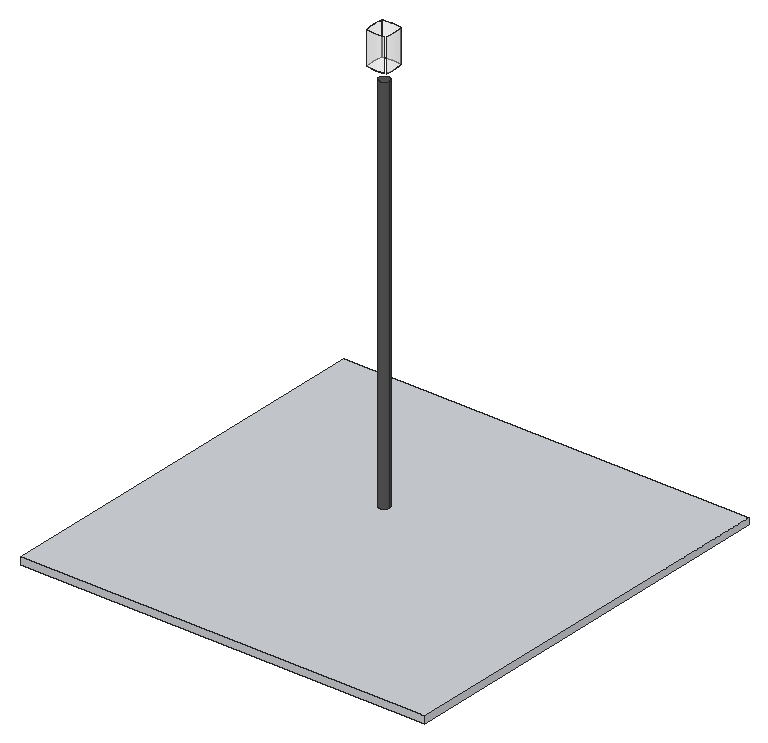
Revit family "SH-1720", category Lighting Fixtures, host Face, Revit 2017
Family settings
  Host = Face
  Round Connector Dimension = Use Diameter
  Part Type = Normal
  Cut with Voids When Loaded = No
  Light Source = Yes
  Shared = No
  Room Calculation Point = No
Parameters (values of type "SH-1720(Black color-3000K-E27)")
  website = "www.shoaco.com"
  instalation = "Surface mounted"
  consumption current = 0.06 A
  color temperature = "3000K"
  color rendering index(CRI) = ""
  height = 255.0159 cm
  Width = 18.45 cm
  Wattage. = 9 W
  Wattage Comments = ""
  Wattage = 9 W
  Voltage/Frequency = "230v/50hz"
  built-in parameter 1150110 = 1 (stored number, unit not read)
  URL = "https://www.shoaco.com/fa/product/%DA%86%D8%B1%D8%A7%D8%BA-%D9%87%D8%A7%DB%8C-%D8%AD%DB%8C%D8%A7%D8%B7%DB%8C/1122-%DA%86%D8%B1%D8%A7%D8%BA-%D8%AD%DB%8C%D8%A7%D8%B7%DB%8C--%D9%85%D8%AF%D9%84-SH-1720.html"
  Type medule = ""
  built-in parameter 1114217 = 1 (stored number, unit not read)
  Tilt Angle = 90.00°
  built-in parameter 1150109 = 1 (stored number, unit not read)
  built-in parameter 1150134 = 3
  built-in parameter 1150113 = 1 (stored number, unit not read)
  Protection Class = "Class I"
  Photometric Web File = "4376_V-TAC7WLEDBulbE27A60Thermoplastic3000K_1-5117.ies"
  Number of lamps = "1"
  Model = "SH-1720"
  Manufacturer = "SHOA"
  built-in parameter 1150105 = 71.62 (stored number, unit not read)
  Lumens = 900 lm
  built-in parameter 1150115 = 1 (stored number, unit not read)
  built-in parameter 1150137 = (empty or 0)
  built-in parameter 1150139 = (empty or 0)
  built-in parameter 1150112 = 1 (stored number, unit not read)
  built-in parameter 1150114 = 1 (stored number, unit not read)
  Lamp = "E27"
  built-in parameter 1150132 = (empty or 0)
  built-in parameter 1150102 = (empty or 0)
  built-in parameter 1150107 = 3200 (stored number, unit not read)
  built-in parameter 1150138 = (empty or 0)
  built-in parameter 1150106 = 0.7162 (stored number, unit not read)
  IP = "IP44"
  Height offset [instance] = 230 cm
  Flicker = ""
  Emit from Circle Diameter = 60.96 cm
  Emit Shape Visible in Rendering = no
  built-in parameter 1150104 = 9.2903 (stored number, unit not read)
  Dimming Lamp Color Temperature Shift = <None>
  Diffuser Material = "Acrylic"
  Diffuser [instance] = Diffuser
  Default Elevation = 121.92 cm
  Color Filter = 16777215
  Body color = Black Body
  Body Material = "Aluminum"
  built-in parameter 1114218 = 1 (stored number, unit not read)
  built-in parameter 1150133 = 10 (stored number, unit not read)
Reference planes (cm)
  plane 1 "Center (Front/Back)": y = 0
  plane 2: z = 0.918
  plane 3 "Center (Left/Right)": x = 0
  plane 4: z = 18.0808
  plane 5: z = 248.0808
  plane 6: z = 279.0968
  plane 7: z = 272.6708
Forms (cm)
  Extrusion 1, solid
    sketch origin (0, 0, 0.918) x (1, 0, 0) y (0, 1, 0)
      loop
        line (-121.92, 121.92) -> (-121.92, -121.92) -> (121.92, -121.92) -> (121.92, 121.92) -> (-121.92, 121.92)
    from 0 to -4.1998
  Extrusion 2, solid, material "Black Body" <- "Body color"
    sketch origin (0, 0, 0.918) x (1, 0, 0) y (0, 1, 0)
      loop
        circle (0, 0) r 3.1806
    from 17.1628 to 247.1628
  Extrusion 3, solid, material "Diffuser" <- "Diffuser"
    sketch origin (0, 0, 255.4508) x (1, 0, 0) y (0, 1, 0)
      loop
        line (-5.6606, 6.0308) -> (-5.6453, 5.932)
        spline (-5.6453, 5.932) -> (-3.931, 6.1719) -> (-2.7457, 6.2926) -> (-1.8654, 6.3474) -> (-1.0895, 6.383) -> (-0.3579, 6.4083) -> (0.3416, 6.4186) -> (1.027, 6.4087) -> (1.7525, 6.3722) -> (2.588, 6.3015) -> (3.5906, 6.1904) -> (4.6457, 6.0531) -> (5.4298, 5.9291)
        line (5.4298, 5.9291) -> (5.4487, 6.0273)
        spline (5.4487, 6.0273) -> (4.6594, 6.1522) -> (3.6035, 6.2895) -> (2.5969, 6.4011) -> (1.7595, 6.472) -> (1.0302, 6.5087) -> (0.3414, 6.5186) -> (-0.3606, 6.5083) -> (-1.0936, 6.4829) -> (-1.8703, 6.4473) -> (-2.7537, 6.3923) -> (-3.9431, 6.2711) -> (-5.6606, 6.0308)
      loop
        line (5.8688, 5.555) -> (5.7699, 5.5402)
        spline (5.7699, 5.5402) -> (5.9865, 3.9747) -> (6.1162, 2.8019) -> (6.184, 1.908) -> (6.2151, 1.1773) -> (6.2305, 0.5082) -> (6.2344, -0.1475) -> (6.2241, -0.8189) -> (6.1985, -1.536) -> (6.1525, -2.3307) -> (6.0757, -3.2374) -> (5.9532, -4.2941) -> (5.7701, -5.5391)
        line (5.7701, -5.5391) -> (5.8688, -5.555)
        spline (5.8688, -5.555) -> (6.0524, -4.3071) -> (6.1753, -3.2472) -> (6.2523, -2.3377) -> (6.298, -1.541) -> (6.3243, -0.8214) -> (6.3344, -0.1479) -> (6.3306, 0.5094) -> (6.3149, 1.1807) -> (6.2838, 1.9137) -> (6.2157, 2.8112) -> (6.0857, 3.9871) -> (5.8688, 5.555)
      loop
        line (4.9901, -6.1155) -> (4.9745, -6.0167)
        spline (4.9745, -6.0167) -> (3.9504, -6.1684) -> (3.1307, -6.268) -> (2.4556, -6.3272) -> (1.8646, -6.3572) -> (1.2968, -6.3699) -> (0.6936, -6.3756) -> (0.0144, -6.3732) -> (-0.7733, -6.3541) -> (-1.7013, -6.3085) -> (-2.8015, -6.2271) -> (-4.1058, -6.1007) -> (-5.6458, -5.9199)
        line (-5.6458, -5.9199) -> (-5.6583, -6.0191)
        spline (-5.6583, -6.0191) -> (-4.1164, -6.2001) -> (-2.81, -6.3267) -> (-1.7074, -6.4082) -> (-0.7769, -6.454) -> (0.013, -6.4733) -> (0.6941, -6.4756) -> (1.2981, -6.4699) -> (1.868, -6.4572) -> (2.4625, -6.4269) -> (3.1411, -6.3675) -> (3.9638, -6.2675) -> (4.9901, -6.1155)
      loop
        spline (-6.08, 5.555) -> (-6.2602, 4.1827) -> (-6.3911, 3.0498) -> (-6.4799, 2.1055) -> (-6.5338, 1.2993) -> (-6.5599, 0.5802) -> (-6.5653, -0.1023) -> (-6.5561, -0.7974) -> (-6.5289, -1.54) -> (-6.4761, -2.3587) -> (-6.3902, -3.282) -> (-6.2633, -4.3384) -> (-6.0878, -5.5565)
        line (-6.0878, -5.5565) -> (-5.989, -5.5412)
        spline (-5.989, -5.5412) -> (-6.1641, -4.3253) -> (-6.2907, -3.2714) -> (-6.3764, -2.3508) -> (-6.429, -1.535) -> (-6.4564, -0.7952) -> (-6.4653, -0.102) -> (-6.4597, 0.5783) -> (-6.434, 1.2941) -> (-6.3803, 2.0975) -> (-6.2917, 3.0393) -> (-6.1609, 4.1704) -> (-5.9809, 5.5414)
        line (-5.9809, 5.5414) -> (-6.08, 5.555)
    from 0 to 20.1
  Extrusion 4, solid, material "Diffuser" <- "Diffuser", not visible
    sketch origin (0, 0, 325.4508) x (1, 0, 0) y (0, 1, 0)
      loop
        line (-5.6606, 6.0308) -> (-5.6453, 5.932)
        spline (-5.6453, 5.932) -> (-3.931, 6.1719) -> (-2.7457, 6.2926) -> (-1.8654, 6.3474) -> (-1.0895, 6.383) -> (-0.3579, 6.4083) -> (0.3416, 6.4186) -> (1.027, 6.4087) -> (1.7525, 6.3722) -> (2.588, 6.3015) -> (3.5906, 6.1904) -> (4.6457, 6.0531) -> (5.4298, 5.9291)
        line (5.4298, 5.9291) -> (5.4487, 6.0273)
        spline (5.4487, 6.0273) -> (4.6594, 6.1522) -> (3.6035, 6.2895) -> (2.5969, 6.4011) -> (1.7595, 6.472) -> (1.0302, 6.5087) -> (0.3414, 6.5186) -> (-0.3606, 6.5083) -> (-1.0936, 6.4829) -> (-1.8703, 6.4473) -> (-2.7537, 6.3923) -> (-3.9431, 6.2711) -> (-5.6606, 6.0308)
      loop
        line (5.8688, 5.555) -> (5.7699, 5.5402)
        spline (5.7699, 5.5402) -> (5.9865, 3.9747) -> (6.1162, 2.8019) -> (6.184, 1.908) -> (6.2151, 1.1773) -> (6.2305, 0.5082) -> (6.2344, -0.1475) -> (6.2241, -0.8189) -> (6.1985, -1.536) -> (6.1525, -2.3307) -> (6.0757, -3.2374) -> (5.9532, -4.2941) -> (5.7701, -5.5391)
        line (5.7701, -5.5391) -> (5.8688, -5.555)
        spline (5.8688, -5.555) -> (6.0524, -4.3071) -> (6.1753, -3.2472) -> (6.2523, -2.3377) -> (6.298, -1.541) -> (6.3243, -0.8214) -> (6.3344, -0.1479) -> (6.3306, 0.5094) -> (6.3149, 1.1807) -> (6.2838, 1.9137) -> (6.2157, 2.8112) -> (6.0857, 3.9871) -> (5.8688, 5.555)
      loop
        line (4.9901, -6.1155) -> (4.9745, -6.0167)
        spline (4.9745, -6.0167) -> (3.9504, -6.1684) -> (3.1307, -6.268) -> (2.4556, -6.3272) -> (1.8646, -6.3572) -> (1.2968, -6.3699) -> (0.6936, -6.3756) -> (0.0144, -6.3732) -> (-0.7733, -6.3541) -> (-1.7013, -6.3085) -> (-2.8015, -6.2271) -> (-4.1058, -6.1007) -> (-5.6458, -5.9199)
        line (-5.6458, -5.9199) -> (-5.6583, -6.0191)
        spline (-5.6583, -6.0191) -> (-4.1164, -6.2001) -> (-2.81, -6.3267) -> (-1.7074, -6.4082) -> (-0.7769, -6.454) -> (0.013, -6.4733) -> (0.6941, -6.4756) -> (1.2981, -6.4699) -> (1.868, -6.4572) -> (2.4625, -6.4269) -> (3.1411, -6.3675) -> (3.9638, -6.2675) -> (4.9901, -6.1155)
      loop
        spline (-6.08, 5.555) -> (-6.2602, 4.1827) -> (-6.3911, 3.0498) -> (-6.4799, 2.1055) -> (-6.5338, 1.2993) -> (-6.5599, 0.5802) -> (-6.5653, -0.1023) -> (-6.5561, -0.7974) -> (-6.5289, -1.54) -> (-6.4761, -2.3587) -> (-6.3902, -3.282) -> (-6.2633, -4.3384) -> (-6.0878, -5.5565)
        line (-6.0878, -5.5565) -> (-5.989, -5.5412)
        spline (-5.989, -5.5412) -> (-6.1641, -4.3253) -> (-6.2907, -3.2714) -> (-6.3764, -2.3508) -> (-6.429, -1.535) -> (-6.4564, -0.7952) -> (-6.4653, -0.102) -> (-6.4597, 0.5783) -> (-6.434, 1.2941) -> (-6.3803, 2.0975) -> (-6.2917, 3.0393) -> (-6.1609, 4.1704) -> (-5.9809, 5.5414)
        line (-5.9809, 5.5414) -> (-6.08, 5.555)
    from 0 to 20.1
  Extrusion 5, solid, material "Diffuser" <- "Diffuser", not visible
    sketch origin (0, 0, 265.4508) x (1, 0, 0) y (0, 1, 0)
      loop
        line (-5.6606, 6.0308) -> (-5.6453, 5.932)
        spline (-5.6453, 5.932) -> (-3.931, 6.1719) -> (-2.7457, 6.2926) -> (-1.8654, 6.3474) -> (-1.0895, 6.383) -> (-0.3579, 6.4083) -> (0.3416, 6.4186) -> (1.027, 6.4087) -> (1.7525, 6.3722) -> (2.588, 6.3015) -> (3.5906, 6.1904) -> (4.6457, 6.0531) -> (5.4298, 5.9291)
        line (5.4298, 5.9291) -> (5.4487, 6.0273)
        spline (5.4487, 6.0273) -> (4.6594, 6.1522) -> (3.6035, 6.2895) -> (2.5969, 6.4011) -> (1.7595, 6.472) -> (1.0302, 6.5087) -> (0.3414, 6.5186) -> (-0.3606, 6.5083) -> (-1.0936, 6.4829) -> (-1.8703, 6.4473) -> (-2.7537, 6.3923) -> (-3.9431, 6.2711) -> (-5.6606, 6.0308)
      loop
        line (5.8688, 5.555) -> (5.7699, 5.5402)
        spline (5.7699, 5.5402) -> (5.9865, 3.9747) -> (6.1162, 2.8019) -> (6.184, 1.908) -> (6.2151, 1.1773) -> (6.2305, 0.5082) -> (6.2344, -0.1475) -> (6.2241, -0.8189) -> (6.1985, -1.536) -> (6.1525, -2.3307) -> (6.0757, -3.2374) -> (5.9532, -4.2941) -> (5.7701, -5.5391)
        line (5.7701, -5.5391) -> (5.8688, -5.555)
        spline (5.8688, -5.555) -> (6.0524, -4.3071) -> (6.1753, -3.2472) -> (6.2523, -2.3377) -> (6.298, -1.541) -> (6.3243, -0.8214) -> (6.3344, -0.1479) -> (6.3306, 0.5094) -> (6.3149, 1.1807) -> (6.2838, 1.9137) -> (6.2157, 2.8112) -> (6.0857, 3.9871) -> (5.8688, 5.555)
      loop
        line (4.9901, -6.1155) -> (4.9745, -6.0167)
        spline (4.9745, -6.0167) -> (3.9504, -6.1684) -> (3.1307, -6.268) -> (2.4556, -6.3272) -> (1.8646, -6.3572) -> (1.2968, -6.3699) -> (0.6936, -6.3756) -> (0.0144, -6.3732) -> (-0.7733, -6.3541) -> (-1.7013, -6.3085) -> (-2.8015, -6.2271) -> (-4.1058, -6.1007) -> (-5.6458, -5.9199)
        line (-5.6458, -5.9199) -> (-5.6583, -6.0191)
        spline (-5.6583, -6.0191) -> (-4.1164, -6.2001) -> (-2.81, -6.3267) -> (-1.7074, -6.4082) -> (-0.7769, -6.454) -> (0.013, -6.4733) -> (0.6941, -6.4756) -> (1.2981, -6.4699) -> (1.868, -6.4572) -> (2.4625, -6.4269) -> (3.1411, -6.3675) -> (3.9638, -6.2675) -> (4.9901, -6.1155)
      loop
        spline (-6.08, 5.555) -> (-6.2602, 4.1827) -> (-6.3911, 3.0498) -> (-6.4799, 2.1055) -> (-6.5338, 1.2993) -> (-6.5599, 0.5802) -> (-6.5653, -0.1023) -> (-6.5561, -0.7974) -> (-6.5289, -1.54) -> (-6.4761, -2.3587) -> (-6.3902, -3.282) -> (-6.2633, -4.3384) -> (-6.0878, -5.5565)
        line (-6.0878, -5.5565) -> (-5.989, -5.5412)
        spline (-5.989, -5.5412) -> (-6.1641, -4.3253) -> (-6.2907, -3.2714) -> (-6.3764, -2.3508) -> (-6.429, -1.535) -> (-6.4564, -0.7952) -> (-6.4653, -0.102) -> (-6.4597, 0.5783) -> (-6.434, 1.2941) -> (-6.3803, 2.0975) -> (-6.2917, 3.0393) -> (-6.1609, 4.1704) -> (-5.9809, 5.5414)
        line (-5.9809, 5.5414) -> (-6.08, 5.555)
    from 0 to 20.1
Dimensions and locks (cm)
  "Height offset": plane 5 to plane 4
  locked: plane 6 to plane 5 at 31.016
  locked: plane 7 to plane 5 at 24.59
  aligned and locked: plane 2 to Extrusion 1
  aligned and locked: level to Extrusion 1
  aligned and locked: level to free form element
  aligned and locked: plane 4 to Extrusion 2
  aligned and locked: plane 6 to free form element
  aligned and locked: free form element to Extrusion 2
  aligned and locked: free form element to Extrusion 3
  aligned and locked: plane 7 to imposter light
Automatic sketch dimensions
  Extrusion 1 sketch curve to Extrusion 1 sketch curve = 243.84 cm  (x2)
  plane 1 "Center (Front/Back)" to Extrusion 2 sketch curve = 0 cm
  Extrusion 2 sketch curve to plane 3 "Center (Left/Right)" = 0 cm
  Extrusion 3 sketch curve to Extrusion 3 sketch curve = 0.0988 cm  (x3)
  Extrusion 3 sketch curve to Extrusion 3 sketch curve = 0.0991 cm
  Extrusion 3 sketch curve to Extrusion 3 sketch curve = 0.3203 cm
  Extrusion 3 sketch curve to Extrusion 3 sketch curve = 0.3307 cm
  Extrusion 3 sketch curve to Extrusion 3 sketch curve = 0.0126 cm
  Extrusion 3 sketch curve to Extrusion 3 sketch curve = 0.0153 cm  (x2)
  Extrusion 3 sketch curve to Extrusion 3 sketch curve = 0.0156 cm
  Extrusion 3 sketch curve to Extrusion 3 sketch curve = 0.0189 cm
  Extrusion 3 sketch curve to Extrusion 3 sketch curve = 0.3401 cm
  Extrusion 3 sketch curve to Extrusion 3 sketch curve = 0.7956 cm
  Extrusion 3 sketch curve to Extrusion 3 sketch curve = 0.0987 cm
  Extrusion 3 sketch curve to Extrusion 3 sketch curve = 0.0992 cm
  Extrusion 3 sketch curve to Extrusion 3 sketch curve = 0.3634 cm
  Extrusion 3 sketch curve to Extrusion 3 sketch curve = 0.4617 cm
  Extrusion 3 sketch curve to Extrusion 3 sketch curve = 0.0159 cm
  Extrusion 3 sketch curve to Extrusion 3 sketch curve = 0.0136 cm
  Extrusion 3 sketch curve to Extrusion 3 sketch curve = 0.0148 cm
  Extrusion 3 sketch curve to Extrusion 3 sketch curve = 0.3889 cm
  Extrusion 3 sketch curve to Extrusion 3 sketch curve = 0.3906 cm
  Extrusion 3 sketch curve to Extrusion 3 sketch curve = 0.0982 cm
  Extrusion 3 sketch curve to Extrusion 3 sketch curve = 0.091 cm
  Extrusion 3 sketch curve to Extrusion 3 sketch curve = 10.6203 cm
  Extrusion 3 sketch curve to Extrusion 3 sketch curve = 0.439 cm
  Extrusion 3 sketch curve to Extrusion 3 sketch curve = 0.0024 cm
  Extrusion 3 sketch curve to Extrusion 3 sketch curve = 11.0793 cm
  Extrusion 3 sketch curve to Extrusion 3 sketch curve = 11.0826 cm
  Extrusion 4 sketch curve to Extrusion 4 sketch curve = 0.0988 cm  (x3)
  Extrusion 4 sketch curve to Extrusion 4 sketch curve = 0.0991 cm
  Extrusion 4 sketch curve to Extrusion 4 sketch curve = 0.3203 cm
  Extrusion 4 sketch curve to Extrusion 4 sketch curve = 0.3307 cm
  Extrusion 4 sketch curve to Extrusion 4 sketch curve = 0.0126 cm
  Extrusion 4 sketch curve to Extrusion 4 sketch curve = 0.0153 cm  (x2)
  Extrusion 4 sketch curve to Extrusion 4 sketch curve = 0.0156 cm
  Extrusion 4 sketch curve to Extrusion 4 sketch curve = 0.0189 cm
  Extrusion 4 sketch curve to Extrusion 4 sketch curve = 0.3401 cm
  Extrusion 4 sketch curve to Extrusion 4 sketch curve = 0.7956 cm
  Extrusion 4 sketch curve to Extrusion 4 sketch curve = 0.0987 cm
  Extrusion 4 sketch curve to Extrusion 4 sketch curve = 0.0992 cm
  Extrusion 4 sketch curve to Extrusion 4 sketch curve = 0.3634 cm
  Extrusion 4 sketch curve to Extrusion 4 sketch curve = 0.4617 cm
  Extrusion 4 sketch curve to Extrusion 4 sketch curve = 0.0159 cm
  Extrusion 4 sketch curve to Extrusion 4 sketch curve = 0.0136 cm
  Extrusion 4 sketch curve to Extrusion 4 sketch curve = 0.0148 cm
  Extrusion 4 sketch curve to Extrusion 4 sketch curve = 0.3889 cm
  Extrusion 4 sketch curve to Extrusion 4 sketch curve = 0.3906 cm
  Extrusion 4 sketch curve to Extrusion 4 sketch curve = 0.0982 cm
  Extrusion 4 sketch curve to Extrusion 4 sketch curve = 0.091 cm
  Extrusion 4 sketch curve to Extrusion 4 sketch curve = 10.6203 cm
  Extrusion 4 sketch curve to Extrusion 4 sketch curve = 0.439 cm
  Extrusion 4 sketch curve to Extrusion 4 sketch curve = 0.0024 cm
  Extrusion 4 sketch curve to Extrusion 4 sketch curve = 11.0793 cm
  Extrusion 4 sketch curve to Extrusion 4 sketch curve = 11.0826 cm
  Extrusion 5 sketch curve to Extrusion 5 sketch curve = 0.0988 cm  (x3)
  Extrusion 5 sketch curve to Extrusion 5 sketch curve = 0.0991 cm
  Extrusion 5 sketch curve to Extrusion 5 sketch curve = 0.3203 cm
  Extrusion 5 sketch curve to Extrusion 5 sketch curve = 0.3307 cm
  Extrusion 5 sketch curve to Extrusion 5 sketch curve = 0.0126 cm
  Extrusion 5 sketch curve to Extrusion 5 sketch curve = 0.0153 cm  (x2)
  Extrusion 5 sketch curve to Extrusion 5 sketch curve = 0.0156 cm
  Extrusion 5 sketch curve to Extrusion 5 sketch curve = 0.0189 cm
  Extrusion 5 sketch curve to Extrusion 5 sketch curve = 0.3401 cm
  Extrusion 5 sketch curve to Extrusion 5 sketch curve = 0.7956 cm
  Extrusion 5 sketch curve to Extrusion 5 sketch curve = 0.0987 cm
  Extrusion 5 sketch curve to Extrusion 5 sketch curve = 0.0992 cm
  Extrusion 5 sketch curve to Extrusion 5 sketch curve = 0.3634 cm
  Extrusion 5 sketch curve to Extrusion 5 sketch curve = 0.4617 cm
  Extrusion 5 sketch curve to Extrusion 5 sketch curve = 0.0159 cm
  Extrusion 5 sketch curve to Extrusion 5 sketch curve = 0.0136 cm
  Extrusion 5 sketch curve to Extrusion 5 sketch curve = 0.0148 cm
  Extrusion 5 sketch curve to Extrusion 5 sketch curve = 0.3889 cm
  Extrusion 5 sketch curve to Extrusion 5 sketch curve = 0.3906 cm
  Extrusion 5 sketch curve to Extrusion 5 sketch curve = 0.0982 cm
  Extrusion 5 sketch curve to Extrusion 5 sketch curve = 0.091 cm
  Extrusion 5 sketch curve to Extrusion 5 sketch curve = 10.6203 cm
  Extrusion 5 sketch curve to Extrusion 5 sketch curve = 0.439 cm
  Extrusion 5 sketch curve to Extrusion 5 sketch curve = 0.0024 cm
  Extrusion 5 sketch curve to Extrusion 5 sketch curve = 11.0793 cm
  Extrusion 5 sketch curve to Extrusion 5 sketch curve = 11.0826 cm
  radius of Extrusion 2 sketch curve = 3.1806 cm
Connectors (cm)
  electrical at (-0.1056, 0, 248.0808)
    settings: on free form element, index 1, voltage 230 V, apparent load 0 VA, apparent load phase1 0 VA, apparent load phase2 0 VA, apparent load phase3 0 VA, power factor 1, load classification "Other", number of poles 1, system type 31, power factor state 1, is connector primary yes, connector utility no, sub classification motor no, connector description ""
